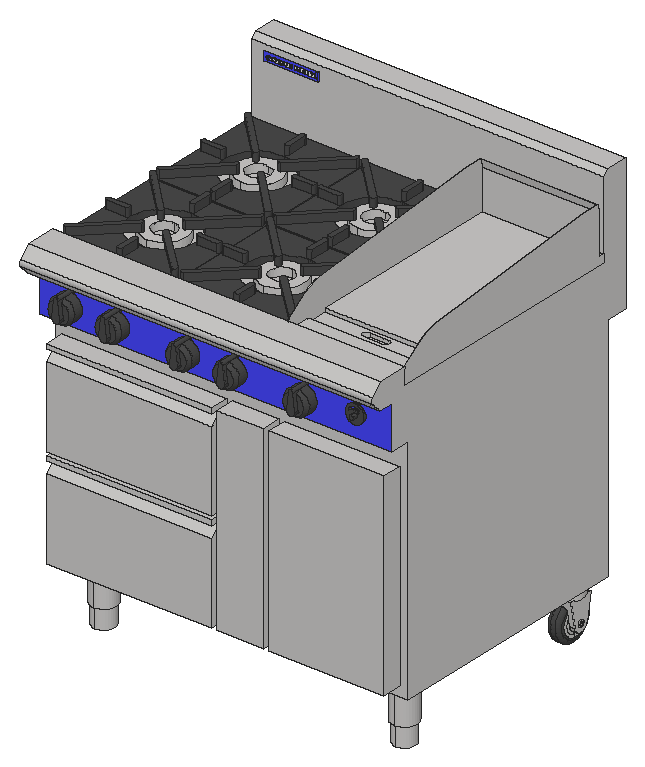
Revit family "QF_MOFFAT_BLUESEAL_CE_G516C-RB", category Specialty Equipment, Revit 2012 (continued)
Definition of nested family "GAS BURNER 600 & GRIDDLE 300"
  Definition of nested family "GAS BURNER 600"
    Lines and regions (mm)
      symbolic lines
        curve 215: arc (385.7, -222.668, 0) -> (365.934, -167.408, 0) -> (387.129, -112.68, 0) r 84.082
        curve 216: arc (205.331, -231.803, 0) -> (179.547, -247.216, 0) -> (149.991, -252.582, 0) r 84.082
        curve 217: arc (85.69, -222.678, 0) -> (65.916, -167.408, 0) -> (87.119, -112.67, 0) r 84.082
    Dimensions and locks
      equal spacing: plane 3 "LEFT", plane 7 "Center Y", plane 4 "RIGHT"
      "Width": plane 3 "LEFT" to plane 4 "RIGHT"
      equal spacing: plane 5 "FRONT", plane 8 "Center X", plane 1 "BACK"
      "Depth": plane 5 "FRONT" to plane 1 "BACK"
      aligned and locked: level to plane 2
    Automatic sketch dimensions
      plane 3 "LEFT" to Extrusion 1 sketch curve = 4.00 mm  (x2)
      plane 1 "BACK" to Extrusion 1 sketch curve = 0.00 mm
      plane 3 "LEFT" to Extrusion 1 sketch curve = 1.00 mm  (x2)
      Extrusion 1 sketch curve to Extrusion 1 sketch curve = 3.00 mm  (x5)
      plane 8 "Center X" to Extrusion 1 sketch curve = 149.00 mm
      Extrusion 1 sketch curve to plane 7 "Center Y" = 1.00 mm  (x2)
      plane 8 "Center X" to Extrusion 1 sketch curve = 2.00 mm  (x2)
      Extrusion 1 sketch curve to plane 5 "FRONT" = 166.50 mm
      Extrusion 1 sketch curve to plane 5 "FRONT" = 3.00 mm  (x2)
      plane 3 "LEFT" to Extrusion 1 sketch curve = 149.991 mm  (x2)
      Extrusion 2 sketch curve to Extrusion 1 = 22.602 mm  (x2)
      Extrusion 2 sketch curve to Extrusion 1 = 25.398 mm  (x2)
      Extrusion 2 sketch curve to Extrusion 2 sketch curve = 4.525 mm  (x16)
      Extrusion 2 sketch curve to Extrusion 2 sketch curve = 49.204 mm  (x5)
      Extrusion 2 sketch curve to Extrusion 2 sketch curve = 55.923 mm  (x5)
      Extrusion 2 sketch curve to Extrusion 2 sketch curve = 0.00 mm  (x5)
      Extrusion 2 sketch curve to Extrusion 2 sketch curve = 20.524 mm  (x8)
      Extrusion 2 sketch curve to Extrusion 2 sketch curve = 6.40 mm  (x8)
      Extrusion 2 sketch curve to Extrusion 2 sketch curve = 53.847 mm  (x8)
      Extrusion 2 sketch curve to Extrusion 1 = 56.602 mm
      Extrusion 2 sketch curve to Extrusion 1 = 5.102 mm  (x6)
      Extrusion 2 sketch curve to Extrusion 1 = 13.653 mm  (x2)
      Extrusion 2 sketch curve to Extrusion 1 = 7.398 mm  (x2)
      Extrusion 2 sketch curve to Extrusion 1 = 4.602 mm  (x2)
      Extrusion 2 sketch curve to Extrusion 1 = 7.898 mm  (x4)
      Extrusion 2 sketch curve to Extrusion 1 = 31.653 mm  (x2)
      Extrusion 2 sketch curve to Extrusion 1 = 57.102 mm
      Extrusion 2 sketch curve to Extrusion 1 = 14.153 mm
      Extrusion 3 sketch curve to Extrusion 3 sketch curve = 0.00 mm  (x24)
      plane 8 "Center X" to Extrusion 3 sketch curve = 208.00 mm
      Extrusion 3 sketch curve to Extrusion 3 sketch curve = 27.00 mm  (x2)
      Extrusion 3 sketch curve to Extrusion 3 sketch curve = 30.00 mm  (x2)
      Extrusion 3 sketch curve to plane 5 "FRONT" = 225.50 mm
      plane 3 "LEFT" to Extrusion 3 sketch curve = 150.00 mm  (x2)
      plane 4 "RIGHT" to Extrusion 4 sketch curve = 4.00 mm  (x2)
      plane 1 "BACK" to Extrusion 4 sketch curve = 0.00 mm
      plane 4 "RIGHT" to Extrusion 4 sketch curve = 1.00 mm  (x2)
      Extrusion 4 sketch curve to Extrusion 4 sketch curve = 3.00 mm  (x5)
      plane 8 "Center X" to Extrusion 4 sketch curve = 149.00 mm
      plane 7 "Center Y" to Extrusion 4 sketch curve = 1.00 mm  (x2)
      plane 8 "Center X" to Extrusion 4 sketch curve = 2.00 mm  (x2)
      Extrusion 4 sketch curve to plane 5 "FRONT" = 166.50 mm
      Extrusion 4 sketch curve to plane 5 "FRONT" = 3.00 mm  (x2)
      plane 4 "RIGHT" to Extrusion 4 sketch curve = 149.991 mm  (x2)
      Extrusion 5 sketch curve to Extrusion 4 = 22.602 mm  (x2)
      Extrusion 5 sketch curve to Extrusion 4 = 25.398 mm  (x2)
      Extrusion 5 sketch curve to Extrusion 5 sketch curve = 4.525 mm  (x16)
      Extrusion 5 sketch curve to Extrusion 5 sketch curve = 49.204 mm  (x4)
      Extrusion 5 sketch curve to Extrusion 5 sketch curve = 55.923 mm  (x5)
      Extrusion 5 sketch curve to Extrusion 5 sketch curve = 0.00 mm  (x6)
      Extrusion 5 sketch curve to Extrusion 5 sketch curve = 20.524 mm  (x7)
      Extrusion 5 sketch curve to Extrusion 5 sketch curve = 6.40 mm  (x8)
      Extrusion 5 sketch curve to Extrusion 5 sketch curve = 53.847 mm  (x8)
      Extrusion 5 sketch curve to Extrusion 4 = 56.602 mm
      Extrusion 5 sketch curve to Extrusion 4 = 5.102 mm  (x6)
      Extrusion 5 sketch curve to Extrusion 4 = 13.653 mm  (x2)
      Extrusion 5 sketch curve to Extrusion 4 = 7.398 mm  (x2)
      Extrusion 5 sketch curve to Extrusion 4 = 4.602 mm  (x2)
      Extrusion 5 sketch curve to Extrusion 4 = 7.898 mm  (x4)
      Extrusion 5 sketch curve to Extrusion 4 = 31.653 mm  (x2)
      Extrusion 5 sketch curve to Extrusion 4 = 57.102 mm  (x2)
      Extrusion 5 sketch curve to Extrusion 4 = 14.153 mm
      Extrusion 6 sketch curve to Extrusion 6 sketch curve = 0.00 mm  (x24)
      plane 8 "Center X" to Extrusion 6 sketch curve = 208.00 mm
      Extrusion 6 sketch curve to Extrusion 6 sketch curve = 27.00 mm  (x2)
      Extrusion 6 sketch curve to Extrusion 6 sketch curve = 30.00 mm  (x2)
      Extrusion 6 sketch curve to plane 5 "FRONT" = 225.50 mm
      plane 4 "RIGHT" to Extrusion 6 sketch curve = 150.00 mm  (x2)
      curve 1 to plane 7 "Center Y" = 123.076 mm
      curve 2 to curve 2 = 4.525 mm
      curve 1 to plane 7 "Center Y" = 15.153 mm
      curve 1 to curve 4 = 4.525 mm
      plane 1 "BACK" to curve 3 = 139.576 mm
      plane 1 "BACK" to curve 4 = 31.653 mm
      curve 7 to plane 7 "Center Y" = 58.102 mm
      curve 8 to plane 7 "Center Y" = 8.898 mm
      curve 8 to curve 2 = 20.524 mm
      curve 6 to curve 5 = 6.40 mm
      plane 7 "Center Y" to curve 9 = 6.102 mm
      curve 9 to curve 12 = 4.525 mm
      plane 7 "Center Y" to curve 10 = 114.025 mm
      curve 10 to curve 10 = 4.525 mm
      curve 5 to curve 10 = 20.524 mm
      curve 3 to curve 9 = 0.00 mm
      plane 1 "BACK" to curve 13 = 25.398 mm
      curve 10 to curve 13 = 20.524 mm
      curve 13 to curve 16 = 6.40 mm
      curve 14 to curve 15 = 49.204 mm
      curve 11 to curve 17 = 53.847 mm
      curve 18 to curve 18 = 4.525 mm
      plane 4 "RIGHT" to curve 17 = 15.153 mm
      curve 20 to curve 20 = 4.525 mm
      curve 18 to curve 11 = 9.051 mm
      plane 1 "BACK" to curve 20 = 31.653 mm
      plane 4 "RIGHT" to curve 22 = 58.102 mm
      plane 4 "RIGHT" to curve 21 = 8.898 mm
      curve 23 to curve 18 = 33.324 mm
      curve 22 to curve 22 = 6.40 mm
      curve 26 to curve 18 = 9.051 mm
      curve 27 to curve 26 = 4.525 mm
      plane 8 "Center X" to curve 27 = 3.602 mm
      plane 4 "RIGHT" to curve 27 = 15.153 mm
      curve 27 to curve 28 = 4.525 mm
      curve 27 to curve 18 = 62.898 mm
      curve 30 to curve 26 = 31.449 mm
      curve 192 to curve 27 = 21.025 mm
      curve 26 to curve 29 = 31.449 mm
      curve 14 to curve 31 = 0.009 mm
      curve 32 to curve 29 = 29.082 mm
      curve 31 to curve 29 = 2.00 mm
      curve 29 to curve 33 = 0.00 mm  (x2)
      curve 29 to curve 34 = 27.00 mm
      curve 211 to curve 2 = 31.449 mm
      curve 35 to curve 3 = 83.924 mm
      curve 35 to curve 2 = 31.449 mm
      curve 37 to curve 211 = 0.009 mm
      curve 216 to curve 35 = 29.082 mm
      curve 38 to curve 36 = 2.00 mm
      curve 42 to curve 185 = 6.391 mm
      curve 41 to curve 40 = 6.40 mm
      curve 185 to curve 41 = 9.816 mm
      plane 1 "BACK" to curve 41 = 25.398 mm
      plane 7 "Center Y" to curve 44 = 8.898 mm
      curve 44 to curve 45 = 49.204 mm
      curve 7 to curve 44 = 0.00 mm
      curve 45 to curve 44 = 6.40 mm
      plane 7 "Center Y" to curve 48 = 6.102 mm
      curve 48 to curve 48 = 4.525 mm
      curve 50 to curve 33 = 35.975 mm
      curve 47 to curve 50 = 4.525 mm
      plane 8 "Center X" to curve 48 = 3.602 mm
      curve 50 to curve 33 = 5.975 mm
      plane 8 "Center X" to curve 53 = 6.398 mm
      curve 53 to curve 32 = 6.409 mm
      curve 53 to curve 54 = 6.40 mm
      curve 52 to curve 32 = 9.316 mm
      plane 1 "BACK" to curve 56 = 0.00 mm
      plane 7 "Center Y" to curve 57 = 1.00 mm
      curve 57 to curve 56 = 3.00 mm
      curve 59 to plane 8 "Center X" = 1.00 mm
      plane 7 "Center Y" to curve 59 = 4.00 mm
      plane 4 "RIGHT" to curve 55 = 4.00 mm
      plane 4 "RIGHT" to curve 59 = 4.00 mm
      plane 4 "RIGHT" to curve 60 = 1.00 mm
      plane 1 "BACK" to curve 64 = 0.00 mm
      curve 66 to plane 8 "Center X" = 1.00 mm
      plane 3 "LEFT" to curve 66 = 4.00 mm
      plane 3 "LEFT" to curve 63 = 4.00 mm
      plane 3 "LEFT" to curve 64 = 1.00 mm
      curve 70 to plane 7 "Center Y" = 4.00 mm
      curve 68 to plane 7 "Center Y" = 4.00 mm
      curve 70 to plane 7 "Center Y" = 1.00 mm
      plane 5 "FRONT" to curve 74 = 0.00 mm
      plane 3 "LEFT" to curve 72 = 1.00 mm
      plane 3 "LEFT" to curve 74 = 4.00 mm
      curve 71 to curve 66 = 0.00 mm
      curve 75 to plane 7 "Center Y" = 4.00 mm
      curve 78 to plane 7 "Center Y" = 4.00 mm
      curve 77 to plane 7 "Center Y" = 1.00 mm
      curve 78 to curve 67 = 6.00 mm
      plane 5 "FRONT" to curve 82 = 0.00 mm
      plane 7 "Center Y" to curve 80 = 1.00 mm
      plane 7 "Center Y" to curve 82 = 4.00 mm
      curve 79 to curve 59 = 0.00 mm  (x2)
      plane 4 "RIGHT" to curve 83 = 4.00 mm
      plane 4 "RIGHT" to curve 84 = 1.00 mm
      curve 78 to curve 80 = 0.00 mm
      curve 35 to curve 88 = 26.924 mm
      curve 89 to curve 88 = 4.525 mm
      plane 8 "Center X" to curve 90 = 3.602 mm
      curve 90 to curve 68 = 11.153 mm
      curve 89 to curve 90 = 4.525 mm
      curve 35 to curve 89 = 21.025 mm
      plane 3 "LEFT" to curve 94 = 6.102 mm
      curve 94 to curve 94 = 4.525 mm
      curve 92 to curve 38 = 35.966 mm
      curve 92 to curve 92 = 4.525 mm
      plane 8 "Center X" to curve 91 = 3.602 mm
      curve 188 to curve 92 = 21.025 mm
      plane 3 "LEFT" to curve 98 = 8.898 mm
      curve 97 to curve 97 = 49.204 mm
      curve 93 to curve 98 = 20.524 mm
      curve 95 to curve 98 = 6.40 mm
      plane 3 "LEFT" to curve 102 = 6.102 mm
      curve 99 to curve 102 = 4.525 mm
      curve 100 to curve 36 = 35.975 mm
      curve 99 to curve 100 = 4.525 mm
      curve 36 to curve 100 = 26.924 mm
      curve 102 to curve 64 = 28.653 mm
      curve 35 to curve 103 = 0.00 mm  (x2)
      curve 35 to curve 104 = 27.00 mm
      curve 107 to curve 38 = 6.391 mm
      curve 107 to curve 108 = 6.40 mm
      plane 8 "Center X" to curve 108 = 6.398 mm
      curve 106 to curve 216 = 9.316 mm
      curve 112 to curve 107 = 0.00 mm
      curve 111 to curve 110 = 6.40 mm
      curve 111 to plane 8 "Center X" = 60.602 mm
      curve 110 to plane 8 "Center X" = 11.398 mm
      curve 109 to curve 114 = 20.524 mm
      curve 114 to curve 114 = 4.525 mm
      curve 116 to curve 78 = 11.153 mm
      curve 116 to curve 116 = 4.525 mm
      curve 115 to curve 109 = 64.974 mm
      curve 116 to curve 78 = 10.653 mm
      plane 3 "LEFT" to curve 118 = 6.102 mm
      curve 118 to curve 118 = 4.525 mm
      curve 120 to curve 113 = 62.898 mm
      curve 119 to curve 120 = 4.525 mm
      curve 120 to curve 113 = 9.051 mm
      curve 119 to curve 72 = 10.653 mm
      plane 3 "LEFT" to curve 121 = 8.898 mm
      curve 121 to curve 124 = 49.204 mm
      curve 123 to curve 120 = 33.324 mm
      curve 123 to curve 124 = 6.40 mm
      plane 3 "LEFT" to curve 126 = 6.102 mm
      curve 125 to curve 126 = 4.525 mm
      curve 125 to curve 119 = 0.00 mm
      curve 125 to curve 128 = 4.525 mm
      curve 74 to curve 127 = 19.602 mm
      curve 127 to curve 119 = 62.898 mm
      curve 127 to curve 130 = 20.524 mm
      curve 131 to curve 132 = 6.40 mm
      curve 132 to plane 5 "FRONT" = 25.398 mm
      curve 132 to curve 131 = 47.704 mm
      curve 127 to curve 136 = 53.847 mm
      curve 133 to curve 136 = 4.525 mm
      curve 134 to plane 7 "Center Y" = 15.153 mm
      curve 133 to curve 134 = 4.525 mm
      curve 76 to curve 134 = 19.602 mm
      curve 127 to curve 136 = 0.00 mm
      curve 208 to curve 130 = 0.009 mm
      curve 130 to curve 208 = 9.316 mm
      curve 137 to curve 120 = 29.949 mm
      curve 137 to curve 200 = 0.009 mm
      curve 208 to curve 139 = 29.082 mm
      curve 137 to curve 203 = 2.00 mm
      curve 203 to curve 141 = 0.00 mm  (x2)
      curve 139 to curve 142 = 27.00 mm
      curve 144 to plane 7 "Center Y" = 58.102 mm
      curve 143 to plane 7 "Center Y" = 8.898 mm
      curve 135 to curve 144 = 20.524 mm
      curve 144 to curve 144 = 6.40 mm
      plane 7 "Center Y" to curve 149 = 6.102 mm
      curve 148 to curve 148 = 4.525 mm
      plane 7 "Center Y" to curve 150 = 114.025 mm
      curve 149 to curve 150 = 4.525 mm
      curve 143 to curve 150 = 20.524 mm
      curve 149 to curve 80 = 10.653 mm
      curve 151 to curve 53 = 0.00 mm
      curve 151 to curve 154 = 6.40 mm
      curve 152 to plane 8 "Center X" = 60.602 mm
      curve 151 to plane 8 "Center X" = 11.398 mm
      curve 150 to curve 156 = 53.847 mm
      curve 156 to curve 156 = 4.525 mm
      curve 155 to curve 86 = 11.153 mm
      curve 155 to curve 158 = 4.525 mm
      curve 157 to curve 150 = 9.051 mm
      curve 158 to curve 86 = 10.653 mm
      plane 4 "RIGHT" to curve 160 = 58.102 mm
      plane 4 "RIGHT" to curve 159 = 8.898 mm
      curve 161 to curve 156 = 33.324 mm
      curve 160 to curve 160 = 6.40 mm
      curve 164 to curve 156 = 9.051 mm
      curve 164 to curve 164 = 4.525 mm
      plane 4 "RIGHT" to curve 165 = 15.153 mm
      curve 165 to curve 166 = 4.525 mm
      curve 84 to curve 165 = 19.602 mm
      curve 164 to curve 156 = 62.898 mm
      plane 7 "Center Y" to curve 170 = 6.102 mm
      curve 170 to curve 170 = 4.525 mm
      curve 168 to curve 150 = 0.00 mm
      curve 168 to curve 168 = 4.525 mm  (x2)
      curve 82 to curve 170 = 19.602 mm
      curve 167 to curve 164 = 0.00 mm
      plane 7 "Center Y" to curve 171 = 8.898 mm
      curve 174 to curve 172 = 49.204 mm
      curve 169 to curve 172 = 20.524 mm
      curve 171 to curve 172 = 6.40 mm
      curve 167 to curve 176 = 20.524 mm
      curve 178 to curve 178 = 6.40 mm
      curve 177 to plane 5 "FRONT" = 25.398 mm
      curve 175 to curve 175 = 47.704 mm
      curve 180 to curve 156 = 31.44 mm
      curve 176 to curve 180 = 9.316 mm
      curve 180 to curve 156 = 29.949 mm
      curve 182 to curve 179 = 0.009 mm
      curve 195 to curve 181 = 29.082 mm
      curve 179 to curve 181 = 2.00 mm
      curve 181 to curve 183 = 0.00 mm  (x2)
      curve 181 to curve 184 = 27.00 mm
      curve 37 to curve 38 = 0.00 mm  (x2)
      curve 185 to curve 100 = 22.227 mm
      curve 37 to curve 185 = 0.00 mm
      curve 2 to curve 37 = 22.219 mm
      curve 35 to curve 36 = 0.00 mm  (x2)
      curve 88 to curve 35 = 3.923 mm
      curve 35 to curve 211 = 0.00 mm
      curve 193 to curve 92 = 13.004 mm
      curve 29 to curve 30 = 0.00 mm  (x2)
      curve 189 to curve 10 = 13.126 mm
      curve 29 to curve 189 = 0.00 mm  (x2)
      curve 18 to curve 190 = 4.076 mm
      curve 29 to curve 190 = 0.00 mm
      curve 29 to curve 191 = 0.00 mm  (x2)
      curve 26 to curve 29 = 3.923 mm
      curve 189 to curve 50 = 13.004 mm
      curve 35 to curve 188 = 0.00 mm
      curve 35 to curve 193 = 0.00 mm  (x2)
      curve 193 to curve 100 = 13.126 mm
      curve 179 to curve 180 = 0.00 mm  (x2)
      curve 156 to curve 194 = 33.052 mm
      curve 179 to curve 194 = 0.00 mm  (x2)
      curve 179 to curve 195 = 0.00 mm
      curve 181 to curve 198 = 0.00 mm  (x2)
      curve 164 to curve 181 = 2.142 mm
      curve 181 to curve 196 = 0.00 mm  (x2)
      curve 198 to curve 168 = 11.581 mm
      curve 181 to curve 182 = 0.00 mm  (x2)
      curve 182 to curve 150 = 5.985 mm
      curve 181 to curve 197 = 0.00 mm
      curve 156 to curve 196 = 14.64 mm
      curve 203 to curve 140 = 0.00 mm  (x2)
      curve 114 to curve 200 = 5.985 mm
      curve 203 to curve 200 = 0.00 mm
      curve 201 to curve 120 = 14.64 mm
      curve 203 to curve 201 = 0.00 mm  (x2)
      curve 201 to curve 128 = 11.581 mm
      curve 139 to curve 140 = 0.00 mm  (x2)
      curve 136 to curve 139 = 2.142 mm
      curve 137 to curve 138 = 0.00 mm  (x2)
      curve 203 to curve 137 = 9.467 mm
      curve 137 to curve 204 = 0.00 mm  (x2)
      curve 137 to curve 204 = 8.936 mm
      curve 137 to curve 205 = 0.00 mm
      curve 205 to curve 140 = 18.13 mm
      curve 206 to curve 205 = 8.937 mm
      curve 206 to curve 205 = 9.165 mm
      curve 137 to curve 206 = 0.00 mm  (x2)
      curve 138 to curve 201 = 11.124 mm
      curve 139 to curve 202 = 0.00 mm  (x2)
      curve 202 to curve 202 = 1.784 mm
      curve 137 to curve 208 = 0.00 mm
      curve 203 to curve 204 = 20.253 mm
      curve 208 to curve 204 = 9.136 mm
      curve 208 to curve 204 = 8.967 mm
      curve 139 to curve 207 = 0.00 mm
      curve 139 to curve 203 = 9.439 mm
      curve 202 to curve 207 = 4.893 mm
      curve 207 to curve 202 = 4.003 mm
      curve 206 to curve 138 = 9.138 mm
      curve 138 to curve 206 = 8.965 mm
      curve 201 to curve 202 = 2.762 mm
      curve 202 to curve 201 = 2.96 mm
      curve 206 to curve 201 = 18.412 mm
      curve 203 to curve 136 = 6.958 mm
      curve 200 to curve 203 = 8.655 mm
      curve 201 to curve 140 = 9.447 mm
      curve 179 to curve 209 = 0.00 mm
      curve 210 to curve 182 = 27.057 mm
      curve 179 to curve 210 = 0.00 mm  (x2)
      curve 180 to curve 197 = 25.774 mm
      curve 181 to curve 199 = 0.00 mm
      curve 180 to curve 198 = 16.335 mm
      curve 198 to curve 182 = 8.655 mm
      curve 198 to curve 169 = 6.958 mm
      curve 199 to curve 196 = 8.655 mm
      curve 196 to curve 199 = 9.447 mm
      curve 181 to curve 196 = 9.439 mm
      curve 181 to curve 196 = 8.668 mm
      curve 210 to curve 209 = 8.936 mm
      curve 195 to curve 194 = 9.138 mm
      curve 179 to curve 194 = 8.937 mm
      curve 194 to curve 179 = 9.165 mm
      curve 195 to curve 194 = 8.965 mm
      curve 35 to curve 187 = 0.00 mm  (x2)
      curve 2 to curve 187 = 13.126 mm
      curve 31 to curve 32 = 0.00 mm  (x2)
      curve 212 to curve 189 = 9.093 mm
      curve 31 to curve 212 = 0.00 mm
      curve 190 to curve 31 = 18.152 mm
      curve 31 to curve 213 = 0.00 mm  (x2)
      curve 29 to curve 214 = 19.967 mm
      curve 31 to curve 214 = 0.00 mm
      curve 31 to curve 215 = 0.00 mm  (x2)
      curve 32 to curve 192 = 19.959 mm
      curve 31 to curve 213 = 9.204 mm
      curve 29 to curve 192 = 0.00 mm
      curve 190 to curve 191 = 9.051 mm
      curve 214 to curve 213 = 8.97 mm
      curve 214 to curve 213 = 9.134 mm
      curve 29 to curve 191 = 9.081 mm
      curve 29 to curve 191 = 9.019 mm
      curve 32 to curve 189 = 10.878 mm
      curve 192 to curve 189 = 9.019 mm
      curve 215 to curve 32 = 8.969 mm
      curve 32 to curve 215 = 9.135 mm
      curve 215 to curve 212 = 9.203 mm
      curve 215 to curve 212 = 8.899 mm
      curve 189 to curve 30 = 9.051 mm  (x2)
      curve 37 to curve 186 = 0.00 mm  (x2)
      curve 187 to curve 186 = 19.847 mm
      curve 37 to curve 216 = 0.00 mm
      curve 216 to curve 186 = 8.969 mm
      curve 35 to curve 187 = 9.081 mm
      curve 193 to curve 188 = 9.081 mm
      curve 188 to curve 193 = 9.019 mm
      curve 37 to curve 217 = 0.00 mm  (x2)
      curve 38 to curve 193 = 10.886 mm
      curve 217 to curve 38 = 8.97 mm
      curve 38 to curve 217 = 9.134 mm
      curve 217 to curve 185 = 9.204 mm
      curve 216 to curve 186 = 9.135 mm
      curve 37 to curve 186 = 9.203 mm
      curve 186 to curve 37 = 8.899 mm
      curve 211 to curve 187 = 9.051 mm
      curve 187 to curve 87 = 8.754 mm
      curve 193 to curve 36 = 9.051 mm
      curve 2 to curve 211 = 8.601 mm
      radius of Extrusion 1 sketch curve = 84.082 mm  (x2)
      radius of Extrusion 4 sketch curve = 84.082 mm  (x2)
  Definition of nested family "GAS GRIDDLE PLATE 300"
    Parameters (values of type "GAS GRIDDLE PLATE 300")
      Width [instance] = 300.00 mm
      Weight in Pounds = 0
      URL Cutsheet = ""
      Type Mark [instance] = ""
      Status [instance] = ""
      Specification by User [instance] = ""
      Specification by Manufacturer = ""
      Serial Number = ""
      Seismic Rating = ""
      SMACNA No = ""
      Revision Code [instance] = ""
      Omniclass Number and Title = ""
      NAFEM Spec ID Number = ""
      Masterspec = ""
      Item Number [instance] = ""
      Installed By [instance] = ""
      Identify Quantity as Lot [instance] = yes
      Furnished By [instance] = ""
      Foodservice Equipment Identifier [instance] = yes
      Depth [instance] = 620.00 mm
      CSI MasterFormat = ""
      CSI Master Format = ""
    Reference planes
      plane 1 "BACK": y = 0
      plane 2: z = 0
      plane 3 "LEFT": x = 0
      plane 4 "RIGHT": x = 300
      plane 5 "FRONT": y = -620
      plane 6 "TOP": z = 142.5
      plane 7 "Center Y": x = 150
      plane 8 "Center X": y = -310
      plane 9: y = -530.997
      plane 10: y = -541.497
      plane 11: y = -503.25
      plane 12: y = -557.737
    Forms (mm)
      Extrusion 1, solid, material "QF_Finishes_Stainless Steel"
        sketch origin (0, 70.003, -874.5) x (0, 1, 0) y (0, 0, 1)
          loop
            line (-70, 875) -> (-70, 997.489) -> (-75.228, 1017) -> (-117.24, 1017) -> (-589.533, 971.523)
            arc (-589.533, 971.523) -> (-614.56, 965.803) -> (-637.306, 953.899) r 100
            line (-637.306, 953.899) -> (-690.003, 917) -> (-690.003, 875) -> (-70, 875)
        from 0 to 1.8
      Extrusion 2, solid, material "QF_Finishes_Stainless Steel"
        sketch origin (600, 70.003, -874.5) x (0, -1, 0) y (0, 0, 1)
          loop
            line (70, 875) -> (690.003, 875) -> (690.003, 917) -> (637.306, 953.899)
            arc (637.306, 953.899) -> (614.56, 965.803) -> (589.533, 971.523) r 100
            line (589.533, 971.523) -> (117.24, 1017) -> (75.228, 1017) -> (70, 997.489) -> (70, 875)
        from 300 to 301.2
      Extrusion 3, solid, material "QF_Finishes_Stainless Steel"
        sketch origin (150, 70.003, -874.5) x (0, 1, 0) y (0, 0, 1)
          loop
            line (-55, 895) -> (-573.253, 895) -> (-573.253, 884.5) -> (-627.74, 884.5) -> (-627.74, 895) -> (-690.003, 895) -> (-690.003, 875) -> (-55, 875) -> (-55, 895)
        from -148.2 to 150
      Extrusion 4, void
        sketch origin (150, -541.497, 10) x (0, -1, 0) y (1, 0, 0)
          loop
            arc (-7.497, 25) -> (-17.497, 35) -> (-27.497, 25) r 10
            line (-27.497, 25) -> (-27.497, -25)
            arc (-27.497, -25) -> (-17.497, -35) -> (-7.497, -25) r 10
            line (-7.497, -25) -> (-7.497, 25)
        from -41.4 to 40.142
      Extrusion 5, solid, material "QF_Finishes_Stainless Steel"
        sketch origin (0, 70.003, -874.5) x (0, 1, 0) y (0, 0, 1)
          loop
            line (-70, 875) -> (-70, 997.489) -> (-75.228, 1017) -> (-76.884, 1017) -> (-71.6, 997.278) -> (-71.6, 875) -> (-70, 875)
        from 0 to 298.8
    Cuts and joins
      Extrusion 4 cuts Extrusion 3
      joined: Extrusion 1, Extrusion 2, Extrusion 3, Extrusion 5
    Lines and regions (mm)
      symbolic lines
        curve 1: line (300, -503.25, 0) -> (0, -503.25, 0)
        curve 2: line (0, -557.737, 0) -> (300, -557.737, 0)
        curve 3: line (0, -1.68, 0) -> (300, -1.68, 0)
        curve 4: line (300, -1.68, 0) -> (300, -620, 0)
        curve 5: line (0, -620, 0) -> (0, -1.68, 0)
        curve 6: line (0, -620, 0) -> (300, -620, 0)
        curve 7: arc (175, -534, 0) -> (185, -524, 0) -> (175, -514, 0) r 10
        curve 8: line (175, -514, 0) -> (125, -514, 0)
        curve 9: arc (125, -514, 0) -> (115, -524, 0) -> (125, -534, 0) r 10
        curve 10: line (125, -534, 0) -> (175, -534, 0)
    Dimensions and locks
      equal spacing: plane 3 "LEFT", plane 7 "Center Y", plane 4 "RIGHT"
      "Width": plane 3 "LEFT" to plane 4 "RIGHT"
      equal spacing: plane 5 "FRONT", plane 8 "Center X", plane 1 "BACK"
      "Depth": plane 5 "FRONT" to plane 1 "BACK"
      locked: Extrusion 2 to Extrusion 2 at 1.2
      equal spacing: Extrusion 4 sketch curve, plane 7 "Center Y", Extrusion 4 sketch curve, locked at 35 each
      aligned and locked: level to plane 2
      aligned and locked: Extrusion 2 to plane 4 "RIGHT"
      aligned and locked: curve 1 to plane 11
      aligned and locked: plane 12 to curve 2
      aligned and locked: Extrusion 5 to cut or joined group of Extrusion 1, Extrusion 2, Extrusion 3, Extrusion 4, Extrusion 5
    Automatic sketch dimensions
      Extrusion 1 sketch curve to plane 5 "FRONT" = 0.00 mm
      Extrusion 1 sketch curve to plane 6 "TOP" = 0.00 mm
      plane 12 to Extrusion 1 sketch curve = 9.566 mm
      plane 11 to Extrusion 1 sketch curve = 16.28 mm
      Extrusion 1 sketch curve to level = 2.516 mm
      plane 11 to Extrusion 1 sketch curve = 6.695 mm
      plane 1 "BACK" to Extrusion 1 sketch curve = 47.237 mm
      plane 1 "BACK" to Extrusion 1 sketch curve = 5.225 mm
      Extrusion 1 sketch curve to plane 1 "BACK" = 0.003 mm
      level to Extrusion 1 sketch curve = 0.50 mm
      Extrusion 1 sketch curve to Extrusion 1 sketch curve = 42.00 mm
      Extrusion 1 sketch curve to plane 6 "TOP" = 63.101 mm
      Extrusion 1 sketch curve to plane 6 "TOP" = 19.511 mm
      Extrusion 2 sketch curve to plane 6 "TOP" = 0.00 mm
      Extrusion 2 sketch curve to plane 5 "FRONT" = 0.00 mm
      plane 12 to Extrusion 2 sketch curve = 9.566 mm
      plane 11 to Extrusion 2 sketch curve = 16.28 mm
      Extrusion 2 sketch curve to level = 2.516 mm
      plane 11 to Extrusion 2 sketch curve = 6.695 mm
      plane 1 "BACK" to Extrusion 2 sketch curve = 47.237 mm
      plane 1 "BACK" to Extrusion 2 sketch curve = 5.225 mm
      Extrusion 2 sketch curve to plane 1 "BACK" = 0.003 mm
      level to Extrusion 2 sketch curve = 0.50 mm
      Extrusion 2 sketch curve to Extrusion 2 sketch curve = 42.00 mm
      Extrusion 2 sketch curve to plane 6 "TOP" = 63.101 mm
      Extrusion 2 sketch curve to plane 6 "TOP" = 19.511 mm
      Extrusion 3 sketch curve to plane 5 "FRONT" = 0.00 mm
      Extrusion 3 sketch curve to plane 12 = 0.00 mm
      Extrusion 3 sketch curve to plane 11 = 0.00 mm
      Extrusion 3 sketch curve to plane 1 "BACK" = 15.003 mm
      level to Extrusion 3 sketch curve = 0.50 mm
      level to Extrusion 3 sketch curve = 10.00 mm
      Extrusion 3 sketch curve to Extrusion 3 sketch curve = 10.50 mm  (x2)
      plane 11 to Extrusion 4 sketch curve = 10.75 mm
      Extrusion 4 sketch curve to Extrusion 4 sketch curve = 10.00 mm
      Extrusion 4 sketch curve to plane 7 "Center Y" = 25.00 mm
      plane 1 "BACK" to Extrusion 5 sketch curve = 5.225 mm
      Extrusion 5 sketch curve to plane 1 "BACK" = 0.003 mm
      Extrusion 5 sketch curve to plane 6 "TOP" = 19.511 mm
      Extrusion 5 sketch curve to Extrusion 5 sketch curve = 1.60 mm
      Extrusion 5 sketch curve to Extrusion 5 sketch curve = 0.211 mm
      Extrusion 5 sketch curve to plane 6 "TOP" = 0.00 mm
      Extrusion 5 sketch curve to Extrusion 5 sketch curve = 1.656 mm
      level to Extrusion 5 sketch curve = 0.50 mm
      curve 6 to plane 3 "LEFT" = 0.00 mm
      curve 4 to plane 4 "RIGHT" = 0.00 mm
      plane 5 "FRONT" to curve 6 = 0.00 mm
      plane 11 to curve 8 = 10.75 mm
      curve 8 to plane 7 "Center Y" = 25.00 mm
      plane 7 "Center Y" to curve 7 = 25.00 mm
      curve 10 to curve 7 = 20.00 mm
      plane 1 "BACK" to curve 3 = 1.68 mm
